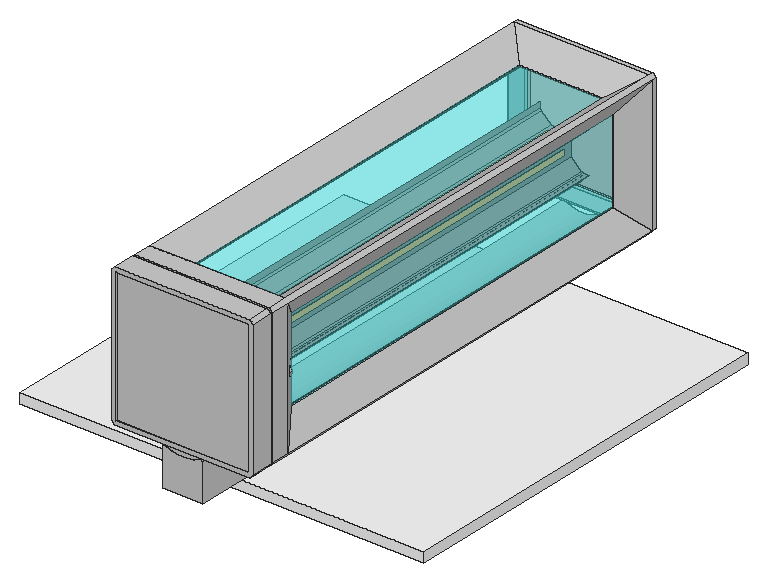
Revit family "BE_24505_de_DE", category Leuchten, Revit 2020
Family settings
  Basisbauteil = Fläche
  Bemaßung runder Anschluss = Durchmesser verwenden
  Teiletyp = Normal
  Beim Laden mit Abzugskörper schneiden = Ja
  Lichtquelle = Ja
  Gemeinsam genutzt = Nein
  Raumberechnungspunkt = Ja
Parameters (values of type "BEGA_24505_Silber_K4")
  built-in parameter 1150104 = 17.754 (stored number, unit not read)
  Wattage = 11.7 W
  Default Elevation = 0 mm
  built-in parameter 1150113 = 1 (stored number, unit not read)
  built-in parameter 1114218 = 1 (stored number, unit not read)
  Umgebungstemperatur = "25 °C"
  URL = "https://www.bega.com/de/produkt/24505"
  Typenkommentare = "© 2022 BEGA. Wir behalten uns das Recht vor, technische Änderungen ohne vorherige Ankündigung vorzunehmen."  # constant formula
  Type Image = 24505.png
  built-in parameter 1150134 = 12
  built-in parameter 1150109 = 1 (stored number, unit not read)
  Strom = ""
  built-in parameter 1150110 = 1 (stored number, unit not read)
  Spannung = 239.996 V
  Sonderanfertigung = no
  Seriennummer [instance] = "Hier können Sie die eindeutige Seriennummer für das Facility Management eintragen."
  Schutzklasse = "I"
  Schutzart = "IP 65"
  Scheinlast = 0 VA
  Produktdatenblatt = "https://cdn.bega.com/bega/products/24505AK4/current/documents/data-sheets/de"
  Oberflächentemperatur = ""
  Neigungswinkel = 0.00°
  Modell = "24505AK4"
  Material_17 = BEGA_Reflektor
  Material_15 = BEGA_Leuchtmedium_matt
  Material_12 = BEGA_Kunststoff_klar
  Material_11 = BEGA_Glas_opal
  Material_09 = BEGA_Glas_klar
  Material_06 = BEGA_Oberfläche_Edelstahl_gebürstet
  Material_05 = BEGA_Aluminium Guss
  Material_03 = BEGA_Oberfläche_Weiss_matt
  Material_02 = BEGA_Oberfläche_Silber_matt
  Material_01 [instance] = BEGA_Oberfläche_Grafit_matt
  M_W = no
  M_G = no
  M_A = yes
  Logo = 0
  built-in parameter 1114217 = 1 (stored number, unit not read)
  built-in parameter 1150139 = (empty or 0)
  built-in parameter 1150105 = 177.92 (stored number, unit not read)
  built-in parameter 1150114 = 1 (stored number, unit not read)
  Lumens = 2235.87 lm
  built-in parameter 1150115 = 1 (stored number, unit not read)
  Leuchtenlichtstrom = "1246 lm"
  Leuchtenanzahl = ""
  Lebensdauerkriterien = "L70B50 @ 25 °C = 200000 h"
  Lastklassifizierung = Beleuchtung
  built-in parameter 1150112 = 1 (stored number, unit not read)
  Lampenlichtstrom = "2340 lm"
  Lampe = "LED 11.4 W"
  LED_Modulbezeichnung = "3x LED-0701/840"
  built-in parameter 1150142 = (empty or 0)
  Hersteller = "BEGA"  # constant formula
  Halbstreuwinkel = ""
  Gewicht = "5.1 kg"
  Gebrauchslageneinschränkung [instance] = ""
  Frequenz = "0/50-60 Hz"
  Farbwiedergabeindex = "CRI > 80"
  Farbtemperaturverschiebung bei Dämpfen der Lampe = <Keine Auswahl>
  Farbtemperatur = "4000 K"
  Color Filter = 16777215
  built-in parameter 1150133 = 10 (stored number, unit not read)
  Energieeffizienzklasse = "LED A++ - A"
  built-in parameter 1150137 = (empty or 0)
  built-in parameter 1150132 = (empty or 0)
  ENEC = "ja"
  Dimmbar [instance] = "on/off"
  Datei für fotometrisches Netz = "BE_24505K4.IES"
  CE_Konformität = "ja"
  Bestellnummer = "24505AK4"
  Beschreibung_Sonderanfertigung = "Hier können Sie Informationen zur Sonderanfertigung eintragen."
  Beschreibung = "Wandleuchte"
  built-in parameter 1150106 = 1.7792 (stored number, unit not read)
  Befestigungsbohrung = "Ø 6 mm"
  Befestigungsabstand = "310 mm"
  Ballwurfsicher = ""
  BEGA_Intern_aus = yes
  BEGA_Intern_an = yes
  BEGA_Intern_Konstruktion = yes
  BEGA_Intern = yes
  BEGA_IES = yes
  BEGA_Dummy = no
  Anschlussleitung = ""
  Anschlussleistung [instance] = "14.3 W"
  Anschlusskasten = ""
  built-in parameter 1150107 = 4000 (stored number, unit not read)
  built-in parameter 1150102 = (empty or 0)
  built-in parameter 1150138 = (empty or 0)
  Aktualisierung = "2022-05-18T04:00:07"
  Abstand_zur_angestrahlten_Fläche [instance] = ""
  AC/DC = "AC/DC"
Types (4, lengths in mm): name | built-in parameter 1150104 | built-in parameter 1150134 | Modell | M_G | M_A | built-in parameter 1150105 | Lumens | Leuchtenlichtstrom | Lampenlichtstrom | LED_Modulbezeichnung | Farbtemperatur | Datei für fotometrisches Netz | Bestellnummer | built-in parameter 1150106 | built-in parameter 1150107
  BEGA_24505_Grafit_K4 | 17.744 (stored number, unit not read) | 12 | "24505K4" | yes | no | 177.83 (stored number, unit not read) | 2234.7 lm | "1246 lm" | "2340 lm" | "3x LED-0701/840" | "4000 K" | "BE_24505K4.IES" | "24505K4" | 1.7783 (stored number, unit not read) | 4000 (stored number, unit not read)
  BEGA_24505_Silber_K3 | 17.271 (stored number, unit not read) | (empty or 0) | "24505AK3" | no | yes | 173.08 (stored number, unit not read) | 2175.03 lm | "1206 lm" | "2265 lm" | "3x LED-0701/830" | "3000 K" | "BE_24505K3.IES" | "24505AK3" | 1.7308 (stored number, unit not read) | 3000 (stored number, unit not read)
  BEGA_24505_Grafit_K3 | 17.271 (stored number, unit not read) | (empty or 0) | "24505K3" | yes | no | 173.08 (stored number, unit not read) | 2175.03 lm | "1206 lm" | "2265 lm" | "3x LED-0701/830" | "3000 K" | "BE_24505K3.IES" | "24505K3" | 1.7308 (stored number, unit not read) | 3000 (stored number, unit not read)
  BEGA_24505_Silber_K4 | 17.754 (stored number, unit not read) | 12 | "24505AK4" | no | yes | 177.92 (stored number, unit not read) | 2235.87 lm | "1246 lm" | "2340 lm" | "3x LED-0701/840" | "4000 K" | "BE_24505K4.IES" | "24505AK4" | 1.7792 (stored number, unit not read) | 4000 (stored number, unit not read)
Reference planes
  plane 1 "Mitte (Vorne/Hinten)": y = 0
  plane 2: z = 0
  plane 3 "Mitte (Links/Rechts)": x = 0
  plane 4 "Links": x = -70.161
  plane 5 "Rechts": x = 70.161
  plane 6 "Unten": y = -249
  plane 7 "Oben": y = 249
  plane 8 "Vorne": z = 180.15
  plane 9 "Hinten": z = 0
Forms (mm)
  Extrusion 1, solid, material "BEGA_Platte_Weiss"
    sketch origin (0, -1119.2, 0) x (1, 0, 0) y (0, 1, 0)
      loop
        line (-200, 1319.2) -> (-200, 919.2) -> (200, 919.2) -> (200, 1319.2) -> (-200, 1319.2)
    from 0 to -10
  Extrusion 2, solid, material "BEGA_Dummy_matt", visible <- "BEGA_Dummy"
    sketch origin (80.095, -76.023, 0) x (1, 0, 0) y (0, 1, 0)
      loop
        line (-150.256, 325.023) -> (-150.256, -172.977) -> (-9.935, -172.977) -> (-9.935, 325.023) -> (-150.256, 325.023)
    from 0 to 180.15
Dimensions and locks
  plane 1 "Mitte (Vorne/Hinten)" to Extrusion 1 = 200 mm
  aligned and locked: plane 2 to Extrusion 1
  aligned and locked: level to Extrusion 1
Nested families
  nested 1: "BE_24505" at (0, 0, 0) x (0, -1, 0) z (0, 0, 1), type "BE_24505"
Connectors
  electrical at (0, 0, 0), driven by "Lastklassifizierung", driven by "Spannung", driven by "Scheinlast"
    settings: index 1, voltage 239.996 V, apparent load 0 VA, apparent load phase1 0 VA, apparent load phase2 0 VA, apparent load phase3 0 VA, power factor 1, load classification "Beleuchtung", number of poles 1, system type 31, power factor state 1, is connector primary yes, connector utility no, sub classification motor no, connector description ""
Definition of nested family "BE_24505"
  Parameters (values of type "BE_24505")
    Default Elevation = 1 mm
    URL = "http://www.bega.de/de/produkt"
    Type Comments = "© 2015 BEGA. Wir behalten uns das Recht vor, technische Änderungen ohne vorherige Ankündigung vorzunehmen. "  # constant formula
    Type Image = (empty or 0)
    Neigungswinkel_um_Z2 = 0.00°
    Neigungswinkel_um_Z1 = 0.00°
    Neigungswinkel_um_Y2 = 0.00°
    Neigungswinkel_um_Y1 = 0.00°
    Neigungswinkel_um_X2 = 0.00°
    Neigungswinkel_um_X1 = 0.00°
    Material_17 = none
    Material_15 = none
    Material_12 = none
    Material_11 = none
    Material_09 = none
    Material_06 = none
    Material_05 = none
    Material_02 = none
    Material_01 = none
    M_W = yes
    M_G = yes
    M_A = yes
    Länge_Platte = 600 mm  # constant formula
    Höhe_Platte = -10 mm  # constant formula
    Manufacturer = "BEGA"  # constant formula
    Drehwinkel_um_Z2 = 0.00°
    Drehwinkel_um_Z1 = 0.00°
    Breite_Platte = 200 mm  # constant formula
  Reference planes
    plane 1 "Mitte (Oben/Unten)": y = 0
    plane 2: z = 0
    plane 3 "Mitte (Links/Rechts)": x = 0
    plane 4: x = -249
    plane 5: x = 249
    plane 6: z = 180.15
    plane 7: y = -70.161
    plane 8: y = 70.161
  Forms (mm)
    Extrusion 1, solid, detail levels medium
      sketch origin (0, 0, 0) x (1, 0, 0) y (0, 1, 0)
        loop
          line (-300, 100) -> (-300, -100) -> (300, -100) -> (300, 100) -> (-300, 100)
      from 0 to -10 <- "Höhe_Platte"
    Sweep 2, solid, material <- "Material_01", visible <- "M_G", detail levels medium+fine
      path origin (0, 0, 0) x (0, 1, 0) y (0, 0, 1)
        loop
          line (70.146, 180.15) -> (-70.15, 180.15) -> (-70.15, 39.85) -> (70.184, 39.85) -> (70.146, 180.15)
      profile origin (0, -0.002, 180.15) x (0, 0, -1) y (1, 0, 0)
        loop
          line (0, -244.532) -> (0, -249) -> (18.685, -249) -> (18.685, -219) -> (17.568, -219) -> (0, -244.532)
    Extrusion 3, solid, material <- "Material_01", visible <- "M_G", detail levels medium+fine
      sketch origin (0, 0, 0) x (1, 0, 0) y (0, 0, 1)
        loop
          line (-249, 161.465) -> (-249, 58.535) -> (-245.054, 58.535) -> (-245.054, 161.465) -> (-249, 161.465)
      from -52.595 to 51.465
    Extrusion 4, solid, material <- "Material_01", visible <- "M_G", detail levels medium+fine
      sketch origin (0, 0, 0) x (0, 1, 0) y (0, 0, 1)
        loop
          line (-18.15, 39.381) -> (-19.981, 37.55) -> (-19.981, 0) -> (-17.481, 0) -> (-17.481, 32) -> (17.568, 32) -> (17.568, 0) -> (20.019, 0) -> (20.019, 37.55) -> (18.176, 39.394)
          arc (18.176, 39.394) -> (0.014, 35.001) -> (-18.15, 39.381) r 39.8
      from -244.532 to 248.5
    Extrusion 5, solid, material <- "Material_01", visible <- "M_G", detail levels medium+fine
      sketch origin (-442, 0, 0) x (0, 1, 0) y (0, 0, 1)
        loop
          line (20.019, 0) -> (20.019, 32) -> (-19.981, 32) -> (-19.981, 0) -> (20.019, 0)
      from 202.986 to 197.468
    Extrusion 6, solid, material <- "Material_01", visible <- "M_G", detail levels medium+fine
      sketch origin (221, 0, 0) x (0, -1, 0) y (0, 0, -1)
        loop
          line (-19.039, -39.85) -> (19.039, -39.85)
          arc (19.039, -39.85) -> (0, -35.001) -> (-19.039, -39.85) r 39.8
      from 25.992 to 27.5
    Sweep 7, solid, material <- "Material_01", visible <- "M_G", detail levels medium+fine
      path origin (0, 0, 0) x (0, 1, 0) y (0, 0, 1)
        loop
          line (70.167, 180.17) -> (-70.17, 180.17) -> (-70.17, 39.83) -> (70.204, 39.83) -> (70.167, 180.17)
      profile origin (0, -0.002, 180.17) x (0, 0, -1) y (1, 0, 0)
        loop
          line (0.02, 249) -> (0.02, 227.5) -> (2.708, 227.5) -> (2.708, 224.393) -> (0.051, 224.393) -> (0.051, 205.979) -> (17.378, 180.943) -> (18.674, 180.943) -> (18.674, 205.66) -> (4.17, 205.66) -> (4.17, 249) -> (0.02, 249)
    Extrusion 8, solid, material <- "Material_01", visible <- "M_G", detail levels medium+fine
      sketch origin (0, 0, 0) x (1, 0, 0) y (0, 0, 1)
        loop
          line (245, 176) -> (245, 44) -> (248, 44) -> (248, 176) -> (245, 176)
      from -66.032 to 66
    Extrusion 9, solid, material <- "Material_01", visible <- "M_G", detail levels medium+fine
      sketch origin (0, 0, 0) x (0, 1, 0) y (0, 0, 1)
        loop
          line (66.713, 180.12) -> (41.667, 162.582) -> (52.585, 162.582) -> (52.585, 151.671) -> (70.117, 176.708) -> (70.117, 180.12) -> (66.713, 180.12)
        loop
          line (-66.713, 180.12) -> (-70.117, 180.12) -> (-70.117, 176.708) -> (-52.585, 151.671) -> (-52.585, 162.582) -> (-41.667, 162.582) -> (-66.713, 180.12)
        loop
          line (66.713, 39.881) -> (70.117, 39.881) -> (70.117, 43.292) -> (52.585, 68.329) -> (52.585, 57.418) -> (41.667, 57.418) -> (66.713, 39.881)
        loop
          line (-66.713, 39.881) -> (-41.667, 57.418) -> (-52.585, 57.418) -> (-52.585, 68.329) -> (-70.117, 43.292) -> (-70.117, 39.881) -> (-66.713, 39.881)
      from -244.532 to 207.82
    Extrusion 10, solid, material <- "Material_01", visible <- "M_G", detail levels medium+fine
      sketch origin (0, 0, 0) x (1, 0, 0) y (0, 1, 0)
        loop
          line (-166.3, 17.568) -> (-166.3, -17.481) -> (-132.3, -17.481) -> (-132.3, 17.568) -> (-166.3, 17.568)
        loop
          arc (-147.91, -3) -> (-137.8, 0) -> (-147.91, 3) r 5.5
          line (-147.91, 3) -> (-157.3, 3)
          arc (-157.3, 3) -> (-160.3, 0) -> (-157.3, -3) r 3
          line (-157.3, -3) -> (-147.91, -3)
        loop
          line (177.7, 17.568) -> (143.7, 17.568) -> (143.7, -17.481) -> (177.7, -17.481) -> (177.7, 17.568)
        loop
          arc (161.59, -3) -> (171.7, 0) -> (161.59, 3) r 5.5
          line (161.59, 3) -> (152.2, 3)
          arc (152.2, 3) -> (149.2, 0) -> (152.2, -3) r 3
          line (152.2, -3) -> (161.59, -3)
      from 0.19 to 3
    Revolve 11, void
      sketch origin (0, 0, 0) x (1, 0, 0) y (0, 0, 1)
        loop
          line (221, 49.352) -> (221, 28.319) -> (226, 28.319) -> (226, 49.352) -> (221, 49.352)
        axis (226, 49.352) -> (226, 28.319)
      angle from 0 to 360
    Extrusion 12, solid, material <- "Material_12", detail levels medium+fine
      sketch origin (0, 0, 0) x (0, 1, 0) y (0, 0, 1)
        loop
          line (45, 160) -> (-45, 160)
          arc (-45, 160) -> (-48.536, 158.536) -> (-50, 155) r 5
          line (-50, 155) -> (-50, 65)
          arc (-50, 65) -> (-48.536, 61.464) -> (-45, 60) r 5
          line (-45, 60) -> (45, 60)
          arc (45, 60) -> (48.536, 61.464) -> (50, 65) r 5
          line (50, 65) -> (50, 155)
          arc (50, 155) -> (48.536, 158.536) -> (45, 160) r 5
        loop
          line (45, 157) -> (-45, 157)
          arc (-45, 157) -> (-46.414, 156.414) -> (-47, 155) r 2
          line (-47, 155) -> (-47, 65)
          arc (-47, 65) -> (-46.414, 63.586) -> (-45, 63) r 2
          line (-45, 63) -> (45, 63)
          arc (45, 63) -> (46.414, 63.586) -> (47, 65) r 2
          line (47, 65) -> (47, 155)
          arc (47, 155) -> (46.414, 156.414) -> (45, 157) r 2
      from -236.305 to 210.868
    Extrusion 13, solid, material <- "Material_15", detail levels medium+fine
      sketch origin (0, 0, 0) x (1, 0, 0) y (0, 0, 1)
        loop
          line (-205.546, 122.05) -> (167.5, 122.05) -> (167.5, 123.025) -> (-205.546, 123.025) -> (-205.546, 122.05)
      from 2.75 to -2.75
    Extrusion 14, solid, material <- "Material_05", detail levels medium+fine
      sketch origin (0, 0, 0) x (0, 1, 0) y (0, 0, 1)
        loop
          line (9.5, 120.5) -> (-9.5, 120.5) -> (-19.228, 130.228)
          arc (-19.228, 130.228) -> (-19.878, 131.201) -> (-20.107, 132.349) r 3
          line (-20.107, 132.349) -> (-20.107, 137.99)
          arc (-20.107, 137.99) -> (-21.129, 136.902) -> (-21.5, 135.456) r 3
          line (-21.5, 135.456) -> (-21.5, 134)
          arc (-21.5, 134) -> (-22.379, 131.879) -> (-24.5, 131) r 3
          line (-24.5, 131) -> (-25.956, 131)
          arc (-25.956, 131) -> (-27.402, 130.629) -> (-28.489, 129.607) r 3
          line (-28.489, 129.607) -> (-22.849, 129.607)
          arc (-22.849, 129.607) -> (-21.696, 129.377) -> (-20.721, 128.721) r 3
          line (-20.721, 128.721) -> (-11, 119) -> (-11, 100) -> (-20.721, 90.28)
          arc (-20.721, 90.28) -> (-21.696, 89.624) -> (-22.849, 89.394) r 3
          line (-22.849, 89.394) -> (-28.489, 89.394)
          arc (-28.489, 89.394) -> (-27.402, 88.372) -> (-25.956, 88) r 3
          line (-25.956, 88) -> (-24.5, 88)
          arc (-24.5, 88) -> (-22.379, 87.122) -> (-21.5, 85) r 3
          line (-21.5, 85) -> (-21.5, 83.544)
          arc (-21.5, 83.544) -> (-21.129, 82.099) -> (-20.107, 81.011) r 3
          line (-20.107, 81.011) -> (-20.107, 86.651)
          arc (-20.107, 86.651) -> (-19.878, 87.799) -> (-19.228, 88.772) r 3
          line (-19.228, 88.772) -> (-9.5, 98.5) -> (9.5, 98.5) -> (19.228, 88.772)
          arc (19.228, 88.772) -> (19.878, 87.799) -> (20.107, 86.651) r 3
          line (20.107, 86.651) -> (20.107, 81.011)
          arc (20.107, 81.011) -> (21.129, 82.099) -> (21.5, 83.544) r 3
          line (21.5, 83.544) -> (21.5, 85)
          arc (21.5, 85) -> (22.379, 87.122) -> (24.5, 88) r 3
          line (24.5, 88) -> (25.956, 88)
          arc (25.956, 88) -> (27.402, 88.372) -> (28.489, 89.394) r 3
          line (28.489, 89.394) -> (22.849, 89.394)
          arc (22.849, 89.394) -> (21.696, 89.624) -> (20.721, 90.28) r 3
          line (20.721, 90.28) -> (11, 100) -> (11, 119) -> (20.721, 128.721)
          arc (20.721, 128.721) -> (21.696, 129.377) -> (22.849, 129.607) r 3
          line (22.849, 129.607) -> (28.489, 129.607)
          arc (28.489, 129.607) -> (27.402, 130.629) -> (25.956, 131) r 3
          line (25.956, 131) -> (24.5, 131)
          arc (24.5, 131) -> (22.379, 131.879) -> (21.5, 134) r 3
          line (21.5, 134) -> (21.5, 135.456)
          arc (21.5, 135.456) -> (21.129, 136.902) -> (20.107, 137.99) r 3
          line (20.107, 137.99) -> (20.107, 132.349)
          arc (20.107, 132.349) -> (19.878, 131.201) -> (19.228, 130.228) r 3
          line (19.228, 130.228) -> (9.5, 120.5)
      from -218 to 185.411
    Extrusion 15, void
      sketch origin (0, 0, 0) x (0, 1, 0) y (0, 0, 1)
        loop
          line (-60.75, 116.169) -> (-67.462, 116.169) -> (-67.462, 103.831) -> (-60.75, 103.831)
          arc (-60.75, 103.831) -> (-54.421, 110) -> (-60.75, 116.169) r 6.171
        loop
          arc (60.75, 116.169) -> (54.421, 110) -> (60.75, 103.831) r 6.171
          line (60.75, 103.831) -> (67.462, 103.831) -> (67.462, 116.169) -> (60.75, 116.169)
      from 180.943 to 201.245
    Extrusion 16, solid, material <- "Material_06", detail levels fine
      sketch origin (0, 0, 0) x (0, 1, 0) y (0, 0, 1)
        loop
          circle (60.75, 110) r 5
        loop
          circle (-60.75, 110) r 5
      from 195.728 to 203.776
    Revolve 17, void
      sketch origin (0, -56.95, 0) x (1, 0, 0) y (0, 0, -1)
        loop
          line (-248.004, -56.25) -> (-246.427, -56.25) -> (-246.427, -53.05) -> (-249.014, -53.05) -> (-249.014, -57.26) -> (-248.004, -56.25)
        axis (-249.014, -53.05) -> (-246.427, -53.05)
      angle from 0 to 360
    Revolve 18, solid, material <- "Material_06", detail levels fine
      sketch origin (0, -56.95, 0) x (1, 0, 0) y (0, 0, -1)
        loop
          line (-249, -57.216) -> (-248.013, -56.229) -> (-248.013, -53.05) -> (-249, -53.05) -> (-249, -57.216)
        axis (-249, -53.05) -> (-248, -53.05)
      angle from 0 to 360
    Extrusion 19, solid, material <- "Material_15", detail levels medium+fine
      sketch origin (0, -135.575, 109.777) x (1, 0, 0) y (0, 0.999998, -0.002156)
        loop
          line (-205.546, 122.05) -> (167.5, 122.05) -> (167.5, 123.025) -> (-205.546, 123.025) -> (-205.546, 122.05)
      from 2.75 to -2.75
    Extrusion 20, solid, material <- "Material_15", detail levels medium+fine
      sketch origin (0, 135.575, 109.777) x (1, 0, 0) y (0, 0.999998, 0.002156)
        loop
          line (-205.546, -122.05) -> (-205.546, -123.025) -> (167.5, -123.025) -> (167.5, -122.05) -> (-205.546, -122.05)
      from 2.75 to -2.75
    Extrusion 21, solid, material <- "Material_01", visible <- "M_G", detail levels medium+fine
      sketch origin (442, 0, 0) x (0, 1, 0) y (0, 0, -1)
        loop
          line (20.019, 0) -> (-19.981, 0) -> (-19.981, -32) -> (20.019, -32) -> (20.019, 0)
      from 193.5 to 196.387
    Revolve 22, void
      sketch origin (0, 56.95, 0) x (1, 0, 0) y (0, 0, 1)
        loop
          line (-248.004, 56.25) -> (-249.014, 57.26) -> (-249.014, 53.05) -> (-246.427, 53.05) -> (-246.427, 56.25) -> (-248.004, 56.25)
        axis (-249.014, 53.05) -> (-246.427, 53.05)
      angle from 0 to 360
    Revolve 23, solid, material <- "Material_06", detail levels fine
      sketch origin (0, 56.95, 0) x (1, 0, 0) y (0, 0, 1)
        loop
          line (-249, 57.216) -> (-249, 53.05) -> (-248.013, 53.05) -> (-248.013, 56.229) -> (-249, 57.216)
        axis (-249, 53.05) -> (-248, 53.05)
      angle from 0 to 360
    Revolve 24, void
      sketch origin (0, -56.95, 220) x (1, 0, 0) y (0, 0, -1)
        loop
          line (-248.004, 56.25) -> (-249.014, 57.26) -> (-249.014, 53.05) -> (-246.427, 53.05) -> (-246.427, 56.25) -> (-248.004, 56.25)
        axis (-249.014, 53.05) -> (-246.427, 53.05)
      angle from 0 to 360
    Revolve 25, solid, material <- "Material_06", detail levels fine
      sketch origin (0, -56.95, 220) x (1, 0, 0) y (0, 0, -1)
        loop
          line (-249, 57.216) -> (-249, 53.05) -> (-248.013, 53.05) -> (-248.013, 56.229) -> (-249, 57.216)
        axis (-249, 53.05) -> (-248, 53.05)
      angle from 0 to 360
    Revolve 26, void
      sketch origin (0, 56.95, 220) x (1, 0, 0) y (0, 0, 1)
        loop
          line (-248.004, -56.25) -> (-246.427, -56.25) -> (-246.427, -53.05) -> (-249.014, -53.05) -> (-249.014, -57.26) -> (-248.004, -56.25)
        axis (-249.014, -53.05) -> (-246.427, -53.05)
      angle from 0 to 360
    Revolve 27, solid, material <- "Material_06", detail levels fine
      sketch origin (0, 56.95, 220) x (1, 0, 0) y (0, 0, 1)
        loop
          line (-249, -57.216) -> (-248.013, -56.229) -> (-248.013, -53.05) -> (-249, -53.05) -> (-249, -57.216)
        axis (-249, -53.05) -> (-248, -53.05)
      angle from 0 to 360
    Extrusion 28, void
      sketch origin (0, 0, 0) x (0, 1, 0) y (0, 0, 1)
        loop
          line (70.332, 176.55) -> (70.332, 180.338) -> (66.544, 180.338) -> (70.332, 176.55)
        loop
          line (-70.332, 176.55) -> (-66.544, 180.338) -> (-70.332, 180.338) -> (-70.332, 176.55)
        loop
          line (-70.332, 43.4) -> (-70.332, 39.612) -> (-66.544, 39.612) -> (-70.332, 43.4)
        loop
          line (66.356, 39.529) -> (70.477, 39.529) -> (70.477, 43.65) -> (66.356, 39.529)
      from -255.262 to 252.745
    Extrusion 29, solid, material <- "Material_02", visible <- "M_A", detail levels medium+fine
      sketch origin (0, 0, 0) x (0, 1, 0) y (0, 0, 1)
        loop
          line (-18.15, 39.381) -> (-19.981, 37.55) -> (-19.981, 0) -> (-17.481, 0) -> (-17.481, 32) -> (17.568, 32) -> (17.568, 0) -> (20.019, 0) -> (20.019, 37.55) -> (18.176, 39.394)
          arc (18.176, 39.394) -> (0.014, 35.001) -> (-18.15, 39.381) r 39.8
      from -244.532 to 248.5
    Extrusion 30, solid, material <- "Material_02", visible <- "M_A", detail levels medium+fine
      sketch origin (-442, 0, 0) x (0, 1, 0) y (0, 0, 1)
        loop
          line (20.019, 0) -> (20.019, 32) -> (-19.981, 32) -> (-19.981, 0) -> (20.019, 0)
      from 202.986 to 197.468
    Extrusion 31, solid, material <- "Material_02", visible <- "M_A", detail levels medium+fine
      sketch origin (0, 0, 0) x (1, 0, 0) y (0, 1, 0)
        loop
          line (-166.3, 17.568) -> (-166.3, -17.481) -> (-132.3, -17.481) -> (-132.3, 17.568) -> (-166.3, 17.568)
        loop
          arc (-147.91, -3) -> (-137.8, 0) -> (-147.91, 3) r 5.5
          line (-147.91, 3) -> (-157.3, 3)
          arc (-157.3, 3) -> (-160.3, 0) -> (-157.3, -3) r 3
          line (-157.3, -3) -> (-147.91, -3)
        loop
          line (177.7, 17.568) -> (143.7, 17.568) -> (143.7, -17.481) -> (177.7, -17.481) -> (177.7, 17.568)
        loop
          arc (161.59, -3) -> (171.7, 0) -> (161.59, 3) r 5.5
          line (161.59, 3) -> (152.2, 3)
          arc (152.2, 3) -> (149.2, 0) -> (152.2, -3) r 3
          line (152.2, -3) -> (161.59, -3)
      from 0.19 to 3
    Extrusion 32, solid, material <- "Material_02", visible <- "M_A", detail levels medium+fine
      sketch origin (442, 0, 0) x (0, 1, 0) y (0, 0, -1)
        loop
          line (20.019, 0) -> (-19.981, 0) -> (-19.981, -32) -> (20.019, -32) -> (20.019, 0)
      from 193.5 to 196.387
    Sweep 33, solid, material <- "Material_02", visible <- "M_A", detail levels medium+fine
      path origin (0, 0, 0) x (0, 1, 0) y (0, 0, 1)
        loop
          line (70.146, 180.15) -> (-70.15, 180.15) -> (-70.15, 39.85) -> (70.184, 39.85) -> (70.146, 180.15)
      profile origin (0, -0.002, 180.15) x (0, 0, -1) y (1, 0, 0)
        loop
          line (0, -244.532) -> (0, -249) -> (18.685, -249) -> (18.685, -219) -> (17.568, -219) -> (0, -244.532)
    Extrusion 34, solid, material <- "Material_02", visible <- "M_A", detail levels medium+fine
      sketch origin (0, 0, 0) x (1, 0, 0) y (0, 0, 1)
        loop
          line (-249, 161.465) -> (-249, 58.535) -> (-245.054, 58.535) -> (-245.054, 161.465) -> (-249, 161.465)
      from -52.595 to 51.465
    Extrusion 35, solid, material <- "Material_02", visible <- "M_A", detail levels medium+fine
      sketch origin (221, 0, 0) x (0, -1, 0) y (0, 0, -1)
        loop
          line (-19.039, -39.85) -> (19.039, -39.85)
          arc (19.039, -39.85) -> (0, -35.001) -> (-19.039, -39.85) r 39.8
      from 25.992 to 27.5
    Sweep 36, solid, material <- "Material_02", visible <- "M_A", detail levels medium+fine
      path origin (0, 0, 0) x (0, 1, 0) y (0, 0, 1)
        loop
          line (70.167, 180.17) -> (-70.17, 180.17) -> (-70.17, 39.83) -> (70.204, 39.83) -> (70.167, 180.17)
      profile origin (0, -0.002, 180.17) x (0, 0, -1) y (1, 0, 0)
        loop
          line (0.02, 249) -> (0.02, 227.5) -> (2.708, 227.5) -> (2.708, 224.393) -> (0.051, 224.393) -> (0.051, 205.979) -> (17.378, 180.943) -> (18.674, 180.943) -> (18.674, 205.66) -> (4.17, 205.66) -> (4.17, 249) -> (0.02, 249)
    Extrusion 37, solid, material <- "Material_02", visible <- "M_A", detail levels medium+fine
      sketch origin (0, 0, 0) x (1, 0, 0) y (0, 0, 1)
        loop
          line (245, 176) -> (245, 44) -> (248, 44) -> (248, 176) -> (245, 176)
      from -66.032 to 66
    Extrusion 38, solid, material <- "Material_02", visible <- "M_A", detail levels medium+fine
      sketch origin (0, 0, 0) x (0, 1, 0) y (0, 0, 1)
        loop
          line (66.713, 180.12) -> (41.667, 162.582) -> (52.585, 162.582) -> (52.585, 151.671) -> (70.117, 176.708) -> (70.117, 180.12) -> (66.713, 180.12)
        loop
          line (-66.713, 180.12) -> (-70.117, 180.12) -> (-70.117, 176.708) -> (-52.585, 151.671) -> (-52.585, 162.582) -> (-41.667, 162.582) -> (-66.713, 180.12)
        loop
          line (66.713, 39.881) -> (70.117, 39.881) -> (70.117, 43.292) -> (52.585, 68.329) -> (52.585, 57.418) -> (41.667, 57.418) -> (66.713, 39.881)
        loop
          line (-66.713, 39.881) -> (-41.667, 57.418) -> (-52.585, 57.418) -> (-52.585, 68.329) -> (-70.117, 43.292) -> (-70.117, 39.881) -> (-66.713, 39.881)
      from -244.532 to 207.82
  Cuts and joins
    Revolve 11 cuts Extrusion 4
    Revolve 11 cuts Extrusion 5
    Revolve 11 cuts Extrusion 10
    joined: Extrusion 4, Extrusion 5, Extrusion 10, Extrusion 21
    Revolve 17, Revolve 22, Revolve 24, Revolve 26, Extrusion 28 cuts Sweep 2
    Revolve 17, Revolve 22, Revolve 24, Revolve 26, Extrusion 28 cuts Extrusion 3
    Revolve 17, Revolve 22, Revolve 24, Revolve 26, Extrusion 28 cuts Extrusion 6
    Extrusion 15, Revolve 17, Revolve 22, Revolve 24, Revolve 26, Extrusion 28 cuts Sweep 7
    Revolve 17, Revolve 22, Revolve 24, Revolve 26, Extrusion 28 cuts Extrusion 8
    Revolve 17, Revolve 22, Revolve 24, Revolve 26, Extrusion 28 cuts Extrusion 9
    joined: Sweep 2, Extrusion 3, Extrusion 6, Sweep 7, Extrusion 8, Extrusion 9
    Revolve 11 cuts Extrusion 29
    joined: Extrusion 29, Extrusion 30, Extrusion 31, Extrusion 32
    Revolve 17, Revolve 22, Revolve 24, Revolve 26, Extrusion 28 cuts Sweep 33
    Extrusion 15, Extrusion 28 cuts Sweep 36
    Extrusion 28 cuts Extrusion 38
    joined: Sweep 33, Extrusion 34, Extrusion 35, Sweep 36, Extrusion 37, Extrusion 38
  Lines and regions (mm)
    model lines
      curve 1: line (0, 46.86, 52.415) -> (0, 58.624, 40.651)
  Dimensions and locks
    equal spacing: Extrusion 1 sketch curve, plane 3 "Mitte (Links/Rechts)", Extrusion 1 sketch curve
    equal spacing: Extrusion 1 sketch curve, plane 1 "Mitte (Oben/Unten)", Extrusion 1 sketch curve
    "Länge_Platte": Extrusion 1 sketch curve to Extrusion 1 sketch curve
    "Breite_Platte": Extrusion 1 sketch curve to Extrusion 1 sketch curve
    aligned and locked: Extrusion 1 to plane 2
    aligned and locked: level to Extrusion 1
  Automatic sketch dimensions
    level to curve 1 = 40.651 mm
    curve 1 to curve 1 = 11.764 mm  (x2)
    level to Sweep 2 sketch curve = 39.85 mm
    Sweep 2 sketch curve to profile plane = 0 mm
    Sweep 2 sketch curve to profile plane = 17.568 mm
    Sweep 2 sketch curve to Sweep 2 sketch curve = 1.117 mm
    Sweep 2 sketch curve to plane 3 "Mitte (Links/Rechts)" = 249 mm
    Sweep 2 sketch curve to Sweep 2 sketch curve = 4.468 mm
    Sweep 2 sketch curve to Sweep 2 sketch curve = 30 mm
    Extrusion 3 sketch curve to Extrusion 3 sketch curve = 3.946 mm
    level to Extrusion 3 sketch curve = 58.535 mm
    Extrusion 4 sketch curve to level = 0 mm  (x2)
    Extrusion 4 sketch curve to plane 1 "Mitte (Oben/Unten)" = 0 mm
    plane 1 "Mitte (Oben/Unten)" to Extrusion 4 sketch curve = 17.481 mm
    Extrusion 4 sketch curve to Extrusion 4 sketch curve = 0.669 mm
    Extrusion 4 sketch curve to Extrusion 4 sketch curve = 1.831 mm  (x2)
    Extrusion 4 sketch curve to plane 1 "Mitte (Oben/Unten)" = 17.568 mm
    Extrusion 4 sketch curve to Extrusion 4 sketch curve = 0.608 mm
    Extrusion 4 sketch curve to Extrusion 4 sketch curve = 1.843 mm
    level to Extrusion 4 sketch curve = 32 mm
    Extrusion 4 sketch curve to Extrusion 4 sketch curve = 5.55 mm  (x2)
    Extrusion 4 sketch curve to Extrusion 4 sketch curve = 1.844 mm
    Extrusion 5 sketch curve to level = 0 mm
    plane 1 "Mitte (Oben/Unten)" to Extrusion 5 sketch curve = 19.981 mm
    Extrusion 5 sketch curve to plane 1 "Mitte (Oben/Unten)" = 20.019 mm
    level to Extrusion 5 sketch curve = 32 mm
    Extrusion 6 sketch curve to plane 1 "Mitte (Oben/Unten)" = 0 mm
    Extrusion 6 sketch curve to plane 1 "Mitte (Oben/Unten)" = 19.039 mm
    level to Extrusion 6 sketch curve = 74.801 mm
    Extrusion 6 sketch curve to Extrusion 6 sketch curve = 34.951 mm
    level to Sweep 7 sketch curve = 39.83 mm
    Sweep 7 sketch curve to profile plane = 0.02 mm
    Sweep 7 sketch curve to profile plane = 0.051 mm
    Sweep 7 sketch curve to Sweep 7 sketch curve = 2.688 mm
    Sweep 7 sketch curve to Sweep 7 sketch curve = 4.15 mm
    Sweep 7 sketch curve to profile plane = 17.378 mm
    Sweep 7 sketch curve to Sweep 7 sketch curve = 14.504 mm
    plane 3 "Mitte (Links/Rechts)" to Sweep 7 sketch curve = 180.943 mm
    Sweep 7 sketch curve to Sweep 7 sketch curve = 24.718 mm
    Sweep 7 sketch curve to Sweep 7 sketch curve = 0.319 mm
    Sweep 7 sketch curve to Sweep 7 sketch curve = 18.413 mm
    Sweep 7 sketch curve to Sweep 7 sketch curve = 3.107 mm
    Sweep 7 sketch curve to Sweep 7 sketch curve = 21.5 mm
    Extrusion 8 sketch curve to Extrusion 8 sketch curve = 3 mm
    level to Extrusion 8 sketch curve = 44 mm
    Extrusion 9 sketch curve to Extrusion 9 sketch curve = 3.404 mm  (x4)
    Extrusion 9 sketch curve to Extrusion 9 sketch curve = 10.919 mm  (x4)
    level to Extrusion 9 sketch curve = 68.329 mm  (x2)
    Extrusion 9 sketch curve to Extrusion 9 sketch curve = 10.911 mm  (x4)
    Extrusion 9 sketch curve to Extrusion 9 sketch curve = 14.126 mm  (x4)
    Extrusion 9 sketch curve to Extrusion 9 sketch curve = 3.411 mm  (x4)
    plane 1 "Mitte (Oben/Unten)" to Extrusion 10 sketch curve = 0 mm  (x4)
    Extrusion 10 sketch curve to plane 1 "Mitte (Oben/Unten)" = 17.568 mm  (x2)
    plane 1 "Mitte (Oben/Unten)" to Extrusion 10 sketch curve = 3 mm  (x2)
    Extrusion 10 sketch curve to Extrusion 10 sketch curve = 9 mm
    Extrusion 10 sketch curve to Extrusion 10 sketch curve = 9.39 mm  (x2)
    Extrusion 10 sketch curve to Extrusion 10 sketch curve = 4.61 mm  (x2)
    Extrusion 10 sketch curve to Extrusion 10 sketch curve = 11 mm
    Extrusion 10 sketch curve to Extrusion 10 sketch curve = 8.5 mm
    Extrusion 10 sketch curve to Extrusion 10 sketch curve = 11.5 mm
    Extrusion 10 sketch curve to Extrusion 10 sketch curve = 14.481 mm  (x2)
    level to Revolve 11 sketch curve = 28.319 mm
    Revolve 11 sketch curve to Revolve 11 sketch curve = 21.033 mm
    Revolve 11 sketch curve to Revolve 11 sketch curve = 0 mm  (x2)
    Revolve 11 sketch curve to Revolve 11 sketch curve = 8.375 mm
    Extrusion 12 sketch curve to Extrusion 12 sketch curve = 0 mm  (x10)
    Extrusion 12 sketch curve to Extrusion 12 sketch curve = 3 mm
    Extrusion 12 sketch curve to Extrusion 12 sketch curve = 2 mm  (x3)
    level to Extrusion 12 sketch curve = 65 mm
    Extrusion 13 sketch curve to Extrusion 13 sketch curve = 0.975 mm
    plane 1 "Mitte (Oben/Unten)" to Extrusion 14 sketch curve = 28.489 mm  (x2)
    Extrusion 14 sketch curve to Extrusion 14 sketch curve = 2.534 mm  (x5)
    Extrusion 14 sketch curve to Extrusion 14 sketch curve = 1.456 mm  (x8)
    Extrusion 14 sketch curve to Extrusion 14 sketch curve = 3.107 mm  (x2)
    Extrusion 14 sketch curve to Extrusion 14 sketch curve = 1.651 mm  (x5)
    Extrusion 14 sketch curve to Extrusion 14 sketch curve = 3 mm  (x8)
    Extrusion 14 sketch curve to Extrusion 14 sketch curve = 2.129 mm  (x4)
    Extrusion 14 sketch curve to Extrusion 14 sketch curve = 1.393 mm  (x10)
    Extrusion 14 sketch curve to Extrusion 14 sketch curve = 1.607 mm
    plane 1 "Mitte (Oben/Unten)" to Extrusion 14 sketch curve = 11 mm
    Extrusion 14 sketch curve to Extrusion 14 sketch curve = 1.5 mm  (x6)
    Extrusion 14 sketch curve to plane 1 "Mitte (Oben/Unten)" = 9.5 mm  (x2)
    Extrusion 14 sketch curve to Extrusion 14 sketch curve = 7.607 mm  (x4)
    Extrusion 14 sketch curve to Extrusion 14 sketch curve = 0.614 mm  (x2)
    Extrusion 14 sketch curve to Extrusion 14 sketch curve = 0.886 mm  (x2)
    Extrusion 14 sketch curve to Extrusion 14 sketch curve = 8.221 mm
    Extrusion 14 sketch curve to Extrusion 14 sketch curve = 19 mm  (x2)
    Extrusion 14 sketch curve to Extrusion 14 sketch curve = 2.114 mm  (x2)
    Extrusion 14 sketch curve to Extrusion 14 sketch curve = 1.493 mm  (x4)
    Extrusion 14 sketch curve to Extrusion 14 sketch curve = 0 mm  (x8)
    Extrusion 15 sketch curve to Extrusion 15 sketch curve = 6.712 mm  (x2)
    Extrusion 15 sketch curve to Extrusion 15 sketch curve = 6.169 mm  (x2)
    Revolve 17 sketch curve to Revolve 17 sketch curve = 1.01 mm  (x2)
    Revolve 17 sketch curve to Revolve 17 sketch curve = 1.577 mm
    level to Revolve 17 sketch curve = 57.26 mm
    Revolve 17 sketch curve to Revolve 17 sketch curve = 3.2 mm
    Revolve 17 sketch curve to Revolve 17 sketch curve = 0 mm  (x3)
    Revolve 18 sketch curve to Revolve 18 sketch curve = 0.987 mm  (x2)
    level to Revolve 18 sketch curve = 57.216 mm
    Revolve 18 sketch curve to Revolve 18 sketch curve = 3.179 mm
    Revolve 18 sketch curve to Revolve 18 sketch curve = 0.058 mm
    Revolve 18 sketch curve to Revolve 18 sketch curve = 0.191 mm
    Revolve 18 sketch curve to Revolve 18 sketch curve = 0 mm
    Extrusion 19 sketch curve to Extrusion 19 sketch curve = 0.975 mm
    Extrusion 20 sketch curve to Extrusion 20 sketch curve = 0.975 mm
    Extrusion 21 sketch curve to level = 0 mm
    plane 1 "Mitte (Oben/Unten)" to Extrusion 21 sketch curve = 19.981 mm
    Extrusion 21 sketch curve to plane 1 "Mitte (Oben/Unten)" = 20.019 mm
    level to Extrusion 21 sketch curve = 32 mm
    Revolve 22 sketch curve to Revolve 22 sketch curve = 1.01 mm  (x2)
    Revolve 22 sketch curve to Revolve 22 sketch curve = 1.577 mm
    level to Revolve 22 sketch curve = 53.05 mm
    Revolve 22 sketch curve to Revolve 22 sketch curve = 3.2 mm
    Revolve 22 sketch curve to Revolve 22 sketch curve = 0 mm  (x3)
    Revolve 23 sketch curve to Revolve 23 sketch curve = 0.987 mm  (x2)
    level to Revolve 23 sketch curve = 53.05 mm
    Revolve 23 sketch curve to Revolve 23 sketch curve = 3.179 mm
    Revolve 23 sketch curve to Revolve 23 sketch curve = 0.058 mm
    Revolve 23 sketch curve to Revolve 23 sketch curve = 0.191 mm
    Revolve 23 sketch curve to Revolve 23 sketch curve = 0 mm
    Revolve 24 sketch curve to Revolve 24 sketch curve = 1.01 mm  (x2)
    Revolve 24 sketch curve to Revolve 24 sketch curve = 1.577 mm
    Revolve 24 sketch curve to Revolve 24 sketch curve = 3.2 mm
    Revolve 24 sketch curve to Revolve 24 sketch curve = 0 mm  (x3)
    Revolve 25 sketch curve to Revolve 25 sketch curve = 0.987 mm  (x2)
    Revolve 25 sketch curve to Revolve 25 sketch curve = 3.179 mm
    Revolve 25 sketch curve to Revolve 25 sketch curve = 0.058 mm
    Revolve 25 sketch curve to Revolve 25 sketch curve = 0.191 mm
    Revolve 25 sketch curve to Revolve 25 sketch curve = 0 mm
    Revolve 26 sketch curve to Revolve 26 sketch curve = 1.01 mm  (x2)
    Revolve 26 sketch curve to Revolve 26 sketch curve = 1.577 mm
    Revolve 26 sketch curve to Revolve 26 sketch curve = 3.2 mm
    Revolve 26 sketch curve to Revolve 26 sketch curve = 0 mm  (x3)
    Revolve 27 sketch curve to Revolve 27 sketch curve = 0.987 mm  (x2)
    Revolve 27 sketch curve to Revolve 27 sketch curve = 3.179 mm
    Revolve 27 sketch curve to Revolve 27 sketch curve = 0.058 mm
    Revolve 27 sketch curve to Revolve 27 sketch curve = 0.191 mm
    Revolve 27 sketch curve to Revolve 27 sketch curve = 0 mm
    Extrusion 28 sketch curve to Extrusion 28 sketch curve = 3.788 mm  (x3)
    Extrusion 28 sketch curve to Extrusion 28 sketch curve = 4.12 mm  (x2)
    level to Extrusion 28 sketch curve = 39.529 mm
    level to Extrusion 28 sketch curve = 39.612 mm
    Extrusion 28 sketch curve to Extrusion 28 sketch curve = 3.787 mm  (x3)
    Extrusion 29 sketch curve to level = 0 mm  (x2)
    Extrusion 29 sketch curve to plane 1 "Mitte (Oben/Unten)" = 0 mm
    plane 1 "Mitte (Oben/Unten)" to Extrusion 29 sketch curve = 17.481 mm
    Extrusion 29 sketch curve to Extrusion 29 sketch curve = 0.669 mm
    Extrusion 29 sketch curve to Extrusion 29 sketch curve = 1.831 mm  (x2)
    Extrusion 29 sketch curve to plane 1 "Mitte (Oben/Unten)" = 17.568 mm
    Extrusion 29 sketch curve to Extrusion 29 sketch curve = 0.608 mm
    Extrusion 29 sketch curve to Extrusion 29 sketch curve = 1.843 mm
    level to Extrusion 29 sketch curve = 32 mm
    Extrusion 29 sketch curve to Extrusion 29 sketch curve = 5.55 mm  (x2)
    Extrusion 29 sketch curve to Extrusion 29 sketch curve = 1.844 mm
    Extrusion 30 sketch curve to level = 0 mm
    plane 1 "Mitte (Oben/Unten)" to Extrusion 30 sketch curve = 19.981 mm
    Extrusion 30 sketch curve to plane 1 "Mitte (Oben/Unten)" = 20.019 mm
    level to Extrusion 30 sketch curve = 32 mm
    plane 1 "Mitte (Oben/Unten)" to Extrusion 31 sketch curve = 0 mm  (x4)
    Extrusion 31 sketch curve to plane 1 "Mitte (Oben/Unten)" = 17.568 mm  (x2)
    plane 1 "Mitte (Oben/Unten)" to Extrusion 31 sketch curve = 3 mm  (x2)
    Extrusion 31 sketch curve to Extrusion 31 sketch curve = 9 mm
    Extrusion 31 sketch curve to Extrusion 31 sketch curve = 9.39 mm  (x2)
    Extrusion 31 sketch curve to Extrusion 31 sketch curve = 4.61 mm  (x2)
    Extrusion 31 sketch curve to Extrusion 31 sketch curve = 11 mm
    Extrusion 31 sketch curve to Extrusion 31 sketch curve = 8.5 mm
    Extrusion 31 sketch curve to Extrusion 31 sketch curve = 11.5 mm
    Extrusion 31 sketch curve to Extrusion 31 sketch curve = 14.481 mm  (x2)
    Extrusion 32 sketch curve to level = 0 mm
    plane 1 "Mitte (Oben/Unten)" to Extrusion 32 sketch curve = 19.981 mm
    Extrusion 32 sketch curve to plane 1 "Mitte (Oben/Unten)" = 20.019 mm
    level to Extrusion 32 sketch curve = 32 mm
    level to Sweep 33 sketch curve = 39.85 mm
    Sweep 33 sketch curve to profile plane = 0 mm
    Sweep 33 sketch curve to profile plane = 17.568 mm
    Sweep 33 sketch curve to Sweep 33 sketch curve = 1.117 mm
    Sweep 33 sketch curve to plane 3 "Mitte (Links/Rechts)" = 249 mm
    Sweep 33 sketch curve to Sweep 33 sketch curve = 4.468 mm
    Sweep 33 sketch curve to Sweep 33 sketch curve = 30 mm
    Extrusion 34 sketch curve to Extrusion 34 sketch curve = 3.946 mm
    level to Extrusion 34 sketch curve = 58.535 mm
    Extrusion 35 sketch curve to plane 1 "Mitte (Oben/Unten)" = 0 mm
    Extrusion 35 sketch curve to plane 1 "Mitte (Oben/Unten)" = 19.039 mm
    level to Extrusion 35 sketch curve = 74.801 mm
    Extrusion 35 sketch curve to Extrusion 35 sketch curve = 34.951 mm
    level to Sweep 36 sketch curve = 39.83 mm
    Sweep 36 sketch curve to profile plane = 0.02 mm
    Sweep 36 sketch curve to profile plane = 0.051 mm
    Sweep 36 sketch curve to Sweep 36 sketch curve = 2.688 mm
    Sweep 36 sketch curve to Sweep 36 sketch curve = 4.15 mm
    Sweep 36 sketch curve to profile plane = 17.378 mm
    Sweep 36 sketch curve to Sweep 36 sketch curve = 14.504 mm
    plane 3 "Mitte (Links/Rechts)" to Sweep 36 sketch curve = 180.943 mm
    Sweep 36 sketch curve to Sweep 36 sketch curve = 24.718 mm
    Sweep 36 sketch curve to Sweep 36 sketch curve = 0.319 mm
    Sweep 36 sketch curve to Sweep 36 sketch curve = 18.413 mm
    Sweep 36 sketch curve to Sweep 36 sketch curve = 3.107 mm
    Sweep 36 sketch curve to Sweep 36 sketch curve = 21.5 mm
    Extrusion 37 sketch curve to Extrusion 37 sketch curve = 3 mm
    level to Extrusion 37 sketch curve = 44 mm
    Extrusion 38 sketch curve to Extrusion 38 sketch curve = 3.404 mm  (x4)
    Extrusion 38 sketch curve to Extrusion 38 sketch curve = 10.919 mm  (x4)
    level to Extrusion 38 sketch curve = 68.329 mm  (x2)
    Extrusion 38 sketch curve to Extrusion 38 sketch curve = 10.911 mm  (x4)
    Extrusion 38 sketch curve to Extrusion 38 sketch curve = 14.126 mm  (x4)
    Extrusion 38 sketch curve to Extrusion 38 sketch curve = 3.411 mm  (x4)
    plane 5 to Extrusion 8 sketch curve = 4 mm
    plane 5 to Extrusion 10 sketch curve = 105.3 mm
    plane 5 to Revolve 11 sketch curve = 28 mm
    Revolve 11 sketch curve to Revolve 11 sketch curve = 5 mm
    plane 5 to Extrusion 13 sketch curve = 81.5 mm
    plane 5 to Extrusion 19 sketch curve = 81.5 mm
    plane 5 to Extrusion 20 sketch curve = 81.5 mm
    plane 5 to Extrusion 31 sketch curve = 105.3 mm
    plane 5 to Extrusion 37 sketch curve = 4 mm
    Extrusion 3 sketch curve to plane 4 = 0 mm
    plane 4 to Extrusion 10 sketch curve = 116.7 mm
    plane 4 to Extrusion 13 sketch curve = 43.454 mm
    Revolve 17 sketch curve to plane 4 = 0.014 mm
    Revolve 18 sketch curve to plane 4 = 0 mm
    plane 4 to Extrusion 19 sketch curve = 43.454 mm
    plane 4 to Extrusion 20 sketch curve = 43.454 mm
    Revolve 22 sketch curve to plane 4 = 0.014 mm
    Revolve 23 sketch curve to plane 4 = 0 mm
    Revolve 24 sketch curve to plane 4 = 0.014 mm
    Revolve 25 sketch curve to plane 4 = 0 mm
    Revolve 26 sketch curve to plane 4 = 0.014 mm
    Revolve 27 sketch curve to plane 4 = 0 mm
    plane 4 to Extrusion 31 sketch curve = 116.7 mm
    Extrusion 34 sketch curve to plane 4 = 0 mm
    Sweep 2 sketch curve to Sweep 2 sketch curve = 140.3 mm
    Extrusion 3 sketch curve to Extrusion 3 sketch curve = 102.93 mm
    Sweep 7 sketch curve to Sweep 7 sketch curve = 140.34 mm
    Extrusion 8 sketch curve to Extrusion 8 sketch curve = 132 mm
    Extrusion 9 sketch curve to Extrusion 9 sketch curve = 83.342 mm  (x2)
    Extrusion 12 sketch curve to Extrusion 12 sketch curve = 90 mm
    level to Extrusion 13 sketch curve = 122.05 mm
    level to Extrusion 14 sketch curve = 81.011 mm
    level to Extrusion 15 sketch curve = 103.831 mm  (x2)
    level to Extrusion 16 sketch curve = 110 mm  (x2)
    level to Revolve 24 sketch curve = 166.95 mm
    level to Revolve 25 sketch curve = 166.95 mm
    level to Revolve 26 sketch curve = 162.741 mm
    level to Revolve 27 sketch curve = 162.784 mm
    Extrusion 28 sketch curve to Extrusion 28 sketch curve = 133.15 mm
    Extrusion 28 sketch curve to Extrusion 28 sketch curve = 132.9 mm
    Sweep 33 sketch curve to Sweep 33 sketch curve = 140.3 mm
    Extrusion 34 sketch curve to Extrusion 34 sketch curve = 102.93 mm
    Sweep 36 sketch curve to Sweep 36 sketch curve = 140.34 mm
    Extrusion 37 sketch curve to Extrusion 37 sketch curve = 132 mm
    Extrusion 38 sketch curve to Extrusion 38 sketch curve = 83.342 mm  (x2)
    plane 1 "Mitte (Oben/Unten)" to Sweep 2 sketch curve = 70.15 mm
    plane 1 "Mitte (Oben/Unten)" to Sweep 7 sketch curve = 70.17 mm
    plane 1 "Mitte (Oben/Unten)" to Extrusion 9 sketch curve = 41.667 mm  (x2)
    Extrusion 9 sketch curve to Extrusion 9 sketch curve = 14.127 mm  (x4)
    plane 1 "Mitte (Oben/Unten)" to Extrusion 12 sketch curve = 45 mm
    plane 1 "Mitte (Oben/Unten)" to Extrusion 15 sketch curve = 60.592 mm
    Extrusion 15 sketch curve to Extrusion 15 sketch curve = 0.158 mm  (x4)
    plane 1 "Mitte (Oben/Unten)" to Extrusion 16 sketch curve = 60.75 mm
    plane 1 "Mitte (Oben/Unten)" to Extrusion 28 sketch curve = 66.544 mm  (x2)
    plane 1 "Mitte (Oben/Unten)" to Sweep 33 sketch curve = 70.15 mm
    plane 1 "Mitte (Oben/Unten)" to Sweep 36 sketch curve = 70.17 mm
    plane 1 "Mitte (Oben/Unten)" to Extrusion 38 sketch curve = 41.667 mm  (x2)
    Extrusion 38 sketch curve to Extrusion 38 sketch curve = 14.127 mm  (x4)
    curve 1 to plane 1 "Mitte (Oben/Unten)" = 46.86 mm
    Sweep 2 sketch curve to plane 1 "Mitte (Oben/Unten)" = 70.146 mm
    Sweep 2 sketch curve to plane 1 "Mitte (Oben/Unten)" = 70.184 mm
    Sweep 7 sketch curve to plane 1 "Mitte (Oben/Unten)" = 70.167 mm
    Sweep 7 sketch curve to plane 1 "Mitte (Oben/Unten)" = 70.204 mm
    Extrusion 9 sketch curve to plane 1 "Mitte (Oben/Unten)" = 41.667 mm  (x2)
    Extrusion 12 sketch curve to plane 6 = 25.15 mm
    Extrusion 12 sketch curve to plane 1 "Mitte (Oben/Unten)" = 45 mm
    Extrusion 15 sketch curve to plane 1 "Mitte (Oben/Unten)" = 60.592 mm
    Extrusion 16 sketch curve to plane 1 "Mitte (Oben/Unten)" = 60.75 mm
    Extrusion 28 sketch curve to plane 1 "Mitte (Oben/Unten)" = 66.356 mm
    Extrusion 28 sketch curve to plane 1 "Mitte (Oben/Unten)" = 66.544 mm
    Sweep 33 sketch curve to plane 1 "Mitte (Oben/Unten)" = 70.146 mm
    Sweep 33 sketch curve to plane 1 "Mitte (Oben/Unten)" = 70.184 mm
    Sweep 36 sketch curve to plane 1 "Mitte (Oben/Unten)" = 70.167 mm
    Sweep 36 sketch curve to plane 1 "Mitte (Oben/Unten)" = 70.204 mm
    Extrusion 38 sketch curve to plane 1 "Mitte (Oben/Unten)" = 41.667 mm  (x2)
    radius of Extrusion 16 sketch curve = 5 mm  (x2)
